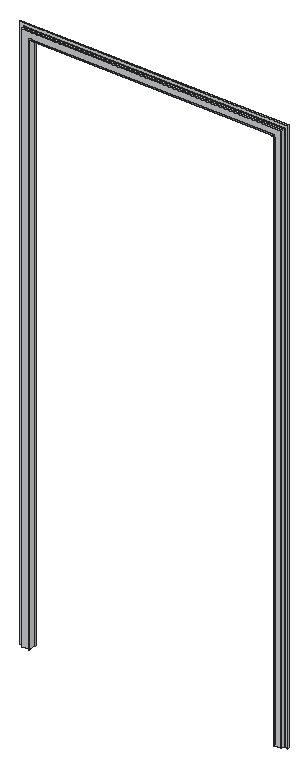
Revit family "BOS-Eckschutzprofil-Typ-1-2-STW_Familie", category Türen, Revit 2017
Family settings
  Basisbauteil = Wand
  Immer vertikal = Ja
  Beim Laden mit Abzugskörper schneiden = Nein
  Gemeinsam genutzt = Nein
  Raumberechnungspunkt = Ja
Parameters (values of type "Eckschutzprofil Typ 1")
  Wandstärke [instance] = if(Wandstärke   Wall Thickness < Wandstärke min., Wandstärke min., Wandstärke   Wall Thickness)  # 200 mm
  Theoretisches Rohbaumaß Höhe   Theoretical Wall Opening Height Measurement [instance] = LDH Lichte Durchgangs Höhe + Einfügepunkt  # 2118 mm
  Theoretisches Rohbaumaß Breite   Theoretical Wall Opening Width Measurement [instance] = LDB Lichte Durchgangs Breite + (2 * Einfügepunkt)  # 986 mm
  LDH Lichte_Durchgangs_Höhe   Clearance Height [instance] = 2093 mm
  LDH Lichte Durchgangs Höhe [instance] = if(LDH Lichte_Durchgangs_Höhe   Clearance Height < LDH min., LDH min., if(LDH Lichte_Durchgangs_Höhe   Clearance Height > LDH max., LDH max., LDH Lichte_Durchgangs_Höhe   Clearance Height))  # 2093 mm
  LDB Lichte_Durchgangs_Breite   Clearance Width [instance] = 936 mm
  LDB Lichte Durchgangs Breite [instance] = if(LDB Lichte_Durchgangs_Breite   Clearance Width < LDB min., LDB min., if(LDB Lichte_Durchgangs_Breite   Clearance Width > LDB max., LDB max., LDB Lichte_Durchgangs_Breite   Clearance Width))  # 936 mm
  Wandstärke   Wall Thickness [instance] = 200 mm
  URL = "www.BestOfSteel.de/stahlzargen/weitere-loesungen/eckschutz-wandabschlussprofile/"
  Spiegel vorne   Architrave Front [instance] = if(Typ 1, 30 mm, 40 mm)  # 30 mm
  Spiegel vorne [instance] = Spiegel vorne   Architrave Front  # 30 mm
  Rough Height = 0 mm  # constant formula
  Rough Width = 0 mm  # constant formula
  Rechtliche Hinweise [instance] = "www.BestOfSteel.de/tools-downloads/bim-building-information-modeling/"
  Typ 2 = no
  Typ 1 = yes
  Modell = "Eckschutzprofil Typ 1"
  Material - Zarge = none
  Material = "grundiert, feuerverzinktes Feinblech nach DIN EN 10143"
  Wandstärke min. [instance] = 100 mm  # constant formula
  Information in English = no
  Info-Texte sichtbar = yes
  Height [instance] = Theoretisches Rohbaumaß Höhe   Theoretical Wall Opening Height Measurement  # 2118 mm
  Hersteller = "BOS GmbH Best Of Steel, Lütkenfelde 4, D-48282 Emsdetten"
  GT Gesamttiefe_Zarge   Total Profile Depth [instance] = Spiegel vorne + 15 mm  # 45 mm
  MW Fehler [instance] = Wandstärke   Wall Thickness < Wandstärke min.  # no
  GT Gesamttiefe [instance] = GT Gesamttiefe_Zarge   Total Profile Depth  # 45 mm
  Funktion = Innen
  LDH min. = 1593 mm  # constant formula
  LDH max. = 2843 mm  # constant formula
  LDB min. = 561 mm  # constant formula
  LDB max. = 1311 mm  # constant formula
  Einfügepunkt = 25 mm  # constant formula
  Dicke = 0 mm  # constant formula
  Width = 0 mm  # constant formula
  Beschreibung = "Eckschutzprofil Typ 1 für Ständerwerk"
  Bauelement = "BOS Eckschutzprofil"
  BOS-Architekten-Beratung = "Tel.: +49 (0) 2572 203-203, Fax -209; E-Mail: architekten@BestOfSteel.de"
  BE Bodeneinstand   Foundation Bedding [instance] = 0 mm
  BE Bodeneinstand [instance] = if(BE Bodeneinstand   Foundation Bedding < 0 mm, 0 mm, if(BE Bodeneinstand   Foundation Bedding > BE max., BE max., BE Bodeneinstand   Foundation Bedding))  # 0 mm
  BE max. = 100 mm  # constant formula
  Allgemeine Informationen zu Stahlzargen = "www.BestOfSteel.de/tools-downloads/technische-infos-rund-um-die-stahlzarge/"
Types (2, lengths in mm): name | Spiegel vorne   Architrave Front | Spiegel vorne | Typ 2 | Typ 1 | Modell | GT Gesamttiefe_Zarge   Total Profile Depth | GT Gesamttiefe | Beschreibung
  Eckschutzprofil Typ 1 | 30 | 30 | no | yes | "Eckschutzprofil Typ 1" | 45 | 45 | "Eckschutzprofil Typ 1 für Ständerwerk"
  Eckschutzprofil Typ 2 | 40 | 40 | yes | no | "Eckschutzprofil Typ 2" | 55 | 55 | "Eckschutzprofil Typ 2 für Ständerwerk"
Reference planes
  plane 1 "Wand": y = 0
  plane 2 "Mitte (Links/rechts)": x = 125
  plane 3 "Hinten": y = 100
  plane 4 "Vorne": y = -100
  plane 5 "TRB links": x = -368
  plane 6 "TRB rechts": x = 618
  plane 7 "TRH oben": z = 2118
  plane 8 "BE": z = 0
  plane 9 "LDH oben": z = 2093
  plane 10: z = -100
  plane 11 "LDB links": x = -343
  plane 12 "LDB rechts": x = 593
Forms (mm)
  Sweep 1, solid, material <- "Material - Zarge", visible <- "Typ 1", detail levels medium+fine
    path origin (0, -100, 0) x (-1, 0, 0) y (0, 0, 1)
      loop
        line (368, 0) -> (368, 2118) -> (-618, 2118) -> (-618, 0)
    profile "BOS-Eckschutzprofil-Typ-1-STW_Profil : BOS-Eckschutzprofil-Typ-1-STW_Profil" origin (-368, -100, 1059) x (1, 0, 0) y (0, 1, 0)
      loop
        line (12.5, 31) -> (12.5, 45) -> (11, 45) -> (11, 31)
        arc (11, 31) -> (11.732, 29.232) -> (13.5, 28.5) r 2.5
        line (13.5, 28.5) -> (22.5, 28.5)
        arc (22.5, 28.5) -> (23.207, 28.207) -> (23.5, 27.5) r 1
        line (23.5, 27.5) -> (23.5, 2.5)
        arc (23.5, 2.5) -> (23.207, 1.793) -> (22.5, 1.5) r 1
        line (22.5, 1.5) -> (-2.5, 1.5)
        arc (-2.5, 1.5) -> (-3.207, 1.793) -> (-3.5, 2.5) r 1
        line (-3.5, 2.5) -> (-3.5, 11.5)
        arc (-3.5, 11.5) -> (-4.232, 13.268) -> (-6, 14) r 2.5
        line (-6, 14) -> (-20, 14) -> (-20, 12.5) -> (-6, 12.5)
        arc (-6, 12.5) -> (-5.293, 12.207) -> (-5, 11.5) r 1
        line (-5, 11.5) -> (-5, 2.5)
        arc (-5, 2.5) -> (-4.268, 0.732) -> (-2.5, 0) r 2.5
        line (-2.5, 0) -> (22.5, 0)
        arc (22.5, 0) -> (24.268, 0.732) -> (25, 2.5) r 2.5
        line (25, 2.5) -> (25, 27.5)
        arc (25, 27.5) -> (24.268, 29.268) -> (22.5, 30) r 2.5
        line (22.5, 30) -> (13.5, 30)
        arc (13.5, 30) -> (12.793, 30.293) -> (12.5, 31) r 1
  Sweep 2, solid, material <- "Material - Zarge", visible <- "Typ 2", detail levels medium+fine
    path origin (0, -100, 0) x (-1, 0, 0) y (0, 0, 1)
      loop
        line (368, 0) -> (368, 2118) -> (-618, 2118) -> (-618, 0)
    profile "BOS-Eckschutzprofil-Typ-2_Profil : BOS-Eckschutzprofil-Typ-2_Profil" origin (-368, -100, 1059) x (1, 0, 0) y (0, 1, 0)
      loop
        line (12.5, 31) -> (12.5, 45) -> (11, 45) -> (11, 31)
        arc (11, 31) -> (11.732, 29.232) -> (13.5, 28.5) r 2.5
        line (13.5, 28.5) -> (22.5, 28.5)
        arc (22.5, 28.5) -> (23.207, 28.207) -> (23.5, 27.5) r 1
        line (23.5, 27.5) -> (23.5, 20)
        arc (23.5, 20) -> (18.081, 6.919) -> (5, 1.5) r 18.5
        line (5, 1.5) -> (-2.5, 1.5)
        arc (-2.5, 1.5) -> (-3.207, 1.793) -> (-3.5, 2.5) r 1
        line (-3.5, 2.5) -> (-3.5, 11.5)
        arc (-3.5, 11.5) -> (-4.232, 13.268) -> (-6, 14) r 2.5
        line (-6, 14) -> (-20, 14) -> (-20, 12.5) -> (-6, 12.5)
        arc (-6, 12.5) -> (-5.293, 12.207) -> (-5, 11.5) r 1
        line (-5, 11.5) -> (-5, 2.5)
        arc (-5, 2.5) -> (-4.268, 0.732) -> (-2.5, 0) r 2.5
        line (-2.5, 0) -> (5, 0)
        arc (5, 0) -> (19.142, 5.858) -> (25, 20) r 20
        line (25, 20) -> (25, 27.5)
        arc (25, 27.5) -> (24.268, 29.268) -> (22.5, 30) r 2.5
        line (22.5, 30) -> (13.5, 30)
        arc (13.5, 30) -> (12.793, 30.293) -> (12.5, 31) r 1
  Sweep 3, void
    path origin (0, -100, 0) x (-1, 0, 0) y (0, 0, 1)
      loop
        line (368, 0) -> (368, 2118) -> (-125, 2118)
    profile origin (-368, -100, 1059) x (1, 0, 0) y (0, 1, 0)
      loop
        line (493, 200) -> (25, 200) -> (25, 30) -> (12.5, 30) -> (12.5, 12.5) -> (-5, 12.5) -> (-5, 0) -> (493, 0) -> (493, 200)
  Sweep 4, void
    path origin (0, -100, 0) x (-1, 0, 0) y (0, 0, 1)
      loop
        line (-618, 0) -> (-618, 2118) -> (-125, 2118)
    profile origin (618, -100, 1059) x (1, 0, 0) y (0, 1, 0)
      loop
        line (-493, 200) -> (-493, 0) -> (5, 0) -> (5, 12.5) -> (-12.5, 12.5) -> (-12.5, 30) -> (-25, 30) -> (-25, 200) -> (-493, 200)
Lines and regions (mm)
  reference lines
    curve 1: line (65, 650, 0) -> (185, 650, 0)
    curve 2: line (65, -650, 0) -> (185, -650, 0)
    curve 3: line (1118, 100, 0) -> (1118, -100, 0)
Text (mm)
  text "Außen     " at (-1696.17, 830.944, 0), in view "Ref.-Ebene"
  text "Außen" at (0, 1409.804, 2854.306), in view "Links"
  text "Placement side" at (0, 499.811, 2980.732), in view "Rechts"
Dimensions and locks
  locked: plane 3 "Hinten" to host wall
  locked: host wall to plane 4 "Vorne" at 0
  level to plane 7 "TRH oben" = 2118 mm
  equal spacing: plane 5 "TRB links", plane 2 "Mitte (Links/rechts)", plane 6 "TRB rechts"
  "BE Bodeneinstand": plane 8 "BE" to level
  "Wandstärke   Wall Thickness": host wall to host wall
  "LDH Lichte Durchgangs Höhe": plane 9 "LDH oben" to level
  "Theoretisches Rohbaumaß Höhe   Theoretical Wall Opening Height Measurement": plane 7 "TRH oben" to level
  "Theoretisches Rohbaumaß Breite   Theoretical Wall Opening Width Measurement": plane 5 "TRB links" to plane 6 "TRB rechts"
  curve 2 to plane 4 "Vorne" to plane 3 "Hinten" to curve 1 = 550 mm, 200 mm, 550 mm
  "BE max.": level to plane 10
  equal spacing: plane 11 "LDB links", plane 2 "Mitte (Links/rechts)", plane 12 "LDB rechts"
  "LDB Lichte Durchgangs Breite": plane 11 "LDB links" to plane 12 "LDB rechts"
  plane 6 "TRB rechts" to curve 3 = 500 mm
  aligned and locked: plane 1 "Wand" to host wall
  aligned and locked: plane 6 "TRB rechts" to nested 1
  aligned and locked: Sweep 1 to nested 1
  aligned and locked: nested 2 to plane 4 "Vorne"
  aligned and locked: plane 5 "TRB links" to nested 2
  aligned and locked: plane 4 "Vorne" to nested 3
  aligned and locked: plane 6 "TRB rechts" to nested 3
  aligned and locked: nested 2 to Sweep 3 sketch curve
  aligned and locked: Sweep 3 sketch curve to plane 2 "Mitte (Links/rechts)"
  aligned and locked: Sweep 3 sketch curve to nested 2  (x6)
  aligned and locked: Sweep 4 sketch curve to plane 2 "Mitte (Links/rechts)"
  aligned and locked: Sweep 4 sketch curve to nested 3  (x4)
  aligned and locked: nested 3 to Sweep 4 sketch curve  (x3)
  aligned and locked: nested 6 to curve 3
  aligned and locked: host wall to nested 6
  aligned and locked: curve 1 to nested 4
  aligned and locked: plane 2 "Mitte (Links/rechts)" to nested 4
  aligned and locked: plane 2 "Mitte (Links/rechts)" to nested 5
  aligned and locked: curve 2 to nested 5
  aligned and locked: nested 7 to nested 2  (x2)
Automatic sketch dimensions
  Sweep 1 sketch curve to plane 6 "TRB rechts" = 0 mm
  Sweep 1 sketch curve to plane 5 "TRB links" = 0 mm
  Sweep 1 sketch curve to plane 8 "BE" = 0 mm  (x2)
  Sweep 1 sketch curve to plane 7 "TRH oben" = 0 mm
  host wall to curve 3 = 0 mm
  curve 3 to host wall = 0 mm
  curve 2 to plane 2 "Mitte (Links/rechts)" = 60 mm
  curve 1 to plane 2 "Mitte (Links/rechts)" = 60 mm
  plane 2 "Mitte (Links/rechts)" to curve 2 = 60 mm
  plane 2 "Mitte (Links/rechts)" to curve 1 = 60 mm
  Sweep 2 sketch curve to plane 6 "TRB rechts" = 0 mm
  Sweep 2 sketch curve to plane 5 "TRB links" = 0 mm
  Sweep 2 sketch curve to plane 8 "BE" = 0 mm  (x2)
  Sweep 2 sketch curve to plane 7 "TRH oben" = 0 mm
  Sweep 3 sketch curve to plane 2 "Mitte (Links/rechts)" = 0 mm
  Sweep 3 sketch curve to plane 5 "TRB links" = 0 mm
  Sweep 3 sketch curve to plane 8 "BE" = 0 mm
  Sweep 3 sketch curve to plane 7 "TRH oben" = 0 mm
  Sweep 4 sketch curve to plane 6 "TRB rechts" = 0 mm
  Sweep 4 sketch curve to plane 2 "Mitte (Links/rechts)" = 0 mm
  Sweep 4 sketch curve to plane 8 "BE" = 0 mm
  Sweep 4 sketch curve to plane 7 "TRH oben" = 0 mm
Nested families
  nested 1: "BOS-BOS_Modell" at (618, -87.5, 1050), type "BOS-BOS_Modell", not visible
  nested 2: "BOS-Eckschutzprofil-STW_Detail" at (-368, -100, 0), type "BOS-Eckschutzprofil-STW_Detail", detail levels fine
  nested 3: "BOS-Eckschutzprofil-STW_Detail" at (618, -100, 0) x (-1, 0, 0) z (0, 0, 1), type "BOS-Eckschutzprofil-STW_Detail", detail levels fine
  nested 4: "BOS-Info-Texte_Beschriftung" at (125, 649.045, 0), visible <- "Info-Texte sichtbar", type "Technische Hinweise"
  nested 5: "BOS-Info-Texte_Beschriftung" at (125, -650.955, 0), visible <- "Info-Texte sichtbar", type "Rechtliche Hinweise"
  nested 6: "BOS-Info-Texte_Beschriftung" at (1118, -0.955, 0), visible <- "MW Fehler", type "Maulweite Fehlermeldung"
  nested 7: "BOS-Logo_Modell" at (-370, -53, 0), type "BOS-Logo_Modell", detail levels fine
Definition of nested family "BOS-BOS_Modell"
  Parameters (values of type "BOS-BOS_Modell")
    Abstand = 22 mm
  Reference planes
    plane 1 "Mitte (Vorne/hinten)": y = 0
    plane 2: z = 0
    plane 3 "Mitte (Links/rechts)": x = 0
    plane 4 "BOS": x = -22
  Dimensions and locks
    "Abstand": plane 4 "BOS" to plane 3 "Mitte (Links/rechts)"
    aligned and locked: level to plane 2
    aligned and locked: plane 1 "Mitte (Vorne/hinten)" to text3d elem
    aligned and locked: text3d elem to level
Definition of nested family "BOS-Eckschutzprofil-STW_Detail"
  Parameters (values of type "BOS-Eckschutzprofil-STW_Detail")
    Wandstärke = 200 mm
    URL = "www.BestOfSteel.de"
    Spiegel vorne = 30 mm
    Model = "Eckschutzprofil Typ 1, Typ 2 für Ständerwerk"
    Allgemeine Informationen zu Stahlzargen = "www.BestOfSteel.de/tools-downloads/technische-infos-rund-um-die-stahlzarge/"
    Manufacturer = "BOS GmbH Best Of Steel, Lütkenfelde 4, D-48282 Emsdetten"
    GT Gesamttiefe = 55 mm
    Einfügepunkt = 25 mm
    Description = ""
    Keynote = "BOS Eckschutzprofil STW"
  Reference planes
    plane 1: y = 0
    plane 2: z = 0
    plane 3: x = 0
    plane 4: y = 12.5
    plane 5: y = 187.5
    plane 6: y = 200
    plane 7: x = 25
    plane 8: x = -5
    plane 9: x = -120
    plane 10: x = 12.5
    plane 11: y = 25
    plane 12: y = 175
    plane 13: y = 40
    plane 14: y = 55
    plane 15: x = -20
    plane 16: x = -50
  Lines and regions (mm)
    detail lines, in view "Ref.-Ebene"
      curve 1: line (-120, 25, 0) -> (0, 25, 0)
      curve 2: line (-120, 200, 0) -> (25, 200, 0)
      curve 3: line (-120, 187.5, 0) -> (25, 187.5, 0)
      curve 4: line (-120, 175, 0) -> (12.5, 175, 0)
      curve 5: line (25, 200, 0) -> (25, 40, 0)
      curve 6: line (12.5, 187.5, 0) -> (12.5, 55, 0)
      curve 7: line (13.5, 40, 0) -> (25, 40, 0)
      curve 8: arc (12.5, 41, 0) -> (12.793, 40.293, 0) -> (13.5, 40, 0) r 1
      curve 9: line (-120, 0, 0) -> (-5, 0, 0)
      curve 10: line (-5, 0, 0) -> (-5, 11.5, 0)
      curve 11: line (-20, 12.5, 0) -> (-120, 12.5, 0)
      curve 12: line (0, 12.5, 0) -> (0, 175, 0)
      curve 13: line (12.5, 38.709, 0) -> (12.5, 12.5, 0)
      curve 14: line (12.5, 12.5, 0) -> (-3.709, 12.5, 0)
      curve 17: arc (-5, 11.5, 0) -> (-5.293, 12.207, 0) -> (-6, 12.5, 0) r 1
      curve 18: line (0, 170, 0) -> (0, 30, 0)
      curve 19: line (-5, 25, 0) -> (-50, 25, 0)
      curve 20: line (-50, 25, 0) -> (-50, 27, 0)
      curve 21: line (-50, 27, 0) -> (-5, 27, 0)
      curve 22: line (-5, 175, 0) -> (-50, 175, 0)
      curve 23: line (-50, 175, 0) -> (-50, 173, 0)
      curve 24: line (-50, 173, 0) -> (-5, 173, 0)
      curve 25: line (-2, 170, 0) -> (-2, 30, 0)
      curve 26: arc (-2, 170, 0) -> (-2.879, 172.121, 0) -> (-5, 173, 0) r 3
      curve 27: arc (-5, 27, 0) -> (-2.879, 27.879, 0) -> (-2, 30, 0) r 3
      curve 28: arc (-5, 25, 0) -> (-1.464, 26.464, 0) -> (0, 30, 0) r 5
      curve 29: arc (0, 170, 0) -> (-1.464, 173.536, 0) -> (-5, 175, 0) r 5
    detail lines, in view "Ref.-Ebene", not visible
      curve 15: arc (11, 41, 0) -> (11.732, 39.232, 0) -> (13.5, 38.5, 0) r 2.5
      curve 16: arc (-3.5, 11.5, 0) -> (-4.232, 13.268, 0) -> (-6, 14, 0) r 2.5
  Dimensions and locks
    "Wandstärke": plane 6 to plane 1
    "Einfügepunkt": plane 3 to plane 7
    "Spiegel vorne": plane 8 to plane 7
    plane 9 to plane 3 = 120 mm
    equal spacing: plane 1, plane 4, plane 11
    locked: plane 1 to plane 11 at 25
    equal spacing: plane 6, plane 5, plane 12
    plane 6 to plane 12 = 25 mm
    equal spacing: plane 3, plane 10, plane 7
    plane 3 to plane 7 = 25 mm
    locked: plane 14 to plane 13 at 15
    locked: plane 15 to plane 8 at 15
    plane 16 to plane 3 = 50 mm
    "GT Gesamttiefe": plane 14 to plane 1
  Automatic sketch dimensions
    curve 8 to curve 15 = 0 mm  (x2)
    curve 16 to curve 17 = 0 mm  (x2)
    curve 1 to plane 9 = 0 mm
    plane 4 to curve 11 = 0 mm
    curve 11 to plane 9 = 0 mm
    curve 2 to plane 6 = 0 mm
    curve 2 to plane 9 = 0 mm
    plane 1 to curve 9 = 0 mm
    curve 9 to plane 9 = 0 mm
    curve 3 to plane 5 = 0 mm
    curve 3 to plane 9 = 0 mm
    curve 4 to plane 9 = 0 mm
    curve 11 to plane 15 = 0 mm
    plane 4 to curve 17 = 0 mm
    curve 9 to plane 8 = 0 mm
    plane 4 to curve 14 = 0 mm
    curve 1 to plane 3 = 0 mm
    curve 8 to plane 10 = 0 mm
    curve 6 to plane 10 = 0 mm
    curve 13 to plane 10 = 0 mm
    curve 8 to plane 13 = 0 mm
    curve 5 to plane 7 = 0 mm
    plane 11 to curve 1 = 0 mm
    curve 6 to plane 14 = 0 mm
    curve 4 to plane 12 = 0 mm
    curve 17 to curve 10 = 1 mm
    plane 10 to curve 8 = 1 mm
    plane 8 to curve 14 = 1.291 mm
    curve 15 to curve 8 = 1.5 mm
    curve 26 to curve 29 = 0 mm  (x2)
    curve 27 to curve 28 = 0 mm  (x2)
    curve 21 to plane 16 = 0 mm
    curve 23 to plane 16 = 0 mm
    plane 11 to curve 28 = 0 mm
    curve 29 to plane 12 = 0 mm
    curve 29 to plane 3 = 0 mm
    curve 27 to plane 3 = 5 mm
    curve 29 to plane 3 = 5 mm
    curve 27 to plane 3 = 2 mm
Definition of nested family "BOS-Info-Texte_Beschriftung"
  Parameters (values of type "Drückerhöhe Warnung")
    Unten = yes
    Oben = no
    Info-Text unten En = "Please take the handle depth/height and/or DIN opening direction into account"
    Info-Text unten De = "Drückertiefen/-höhen und/oder DIN Richtungen beachten/anpassen!"
    Info-Text En = "Kein Text"
    Englisch unten = and(Unten, Englisch)  # no
    Englisch oben = and(Oben, Englisch)  # no
    Englisch = no
    Info-Text De = "Kein Text"
    Warndreieck = yes
    Fehlerkreis = no
    Deutsch unten = and(Unten, Deutsch)  # yes
    Deutsch oben = and(Oben, Deutsch)  # no
    Deutsch = not(Englisch)  # yes
    Ausrufezeichen = "!"
  Types (9, lengths in mm): name | Unten | Oben | Info-Text unten En | Info-Text unten De | Info-Text En | Info-Text De | Warndreieck | Fehlerkreis | Deutsch unten | Deutsch oben
    Rechtliche Hinweise | no | yes | "Kein Text" | "Kein Text" | "In accordance with the protection note according to DIN 34, the ownership and copyrights are reserved!\r\n© 2016 BOS GmbH, Emsdetten, Germany -\r\nObserve the ISO 16016 protective label (see ID data)!\r\n\r\nSubject to technical change!" | "Entsprechend dem Schutzvermerk nach DIN 34 behalten wir uns Eigentum und Urheberrecht vor!\r\n© 2016 BOS GmbH, Emsdetten, Deutschland -\r\nSchutzvermerk ISO 16016 beachten (siehe ID-Daten)!\r\n\r\nTechnische Änderungen vorbehalten!" | no | no | no | yes
    Maulweite Fehlermeldung | no | yes | "Kein Text" | "Kein Text" | "Check the wall thickness!" | "Wandstärke prüfen!" | no | yes | no | yes
    Rohbaumaß Warnung | no | yes | "Kein Text" | "Kein Text" | "For DIN door leaves, select larger structural wall measurements!" | "Bei DIN-Türblatt Rohbaumaße größer wählen!" | no | no | no | yes
    Verstellbereich wkBud | no | yes | "Kein Text" | "Kein Text" | "Adjustment area from -5 to +15mm,\r\nother adjustment areas possible" | "Verstellbereich von -5 bis +15mm\r\nanderer Verstellbereich möglich" | no | no | no | yes
    Verstellbereich wSvdW | no | yes | "Kein Text" | "Kein Text" | "Adjustment area in the soffit from -2 to +15mm,\r\nother adjustment areas possible" | "Verstellbereich in der Zargenleibung von -2 bis +15mm\r\nanderer Verstellbereich möglich" | no | no | no | yes
    Maulweite Auswahl | no | yes | "Kein Text" | "Kein Text" | "To adjust Receiving Opening see 'Features'" | "Anpassung von MW Maulweite unter 'Eigenschaften'" | no | no | no | yes
    Technische Hinweise 15Nz15Z | no | yes | "Kein Text" | "Kein Text" | "Due to manufacturing reasons this Revit family may not be changed\r\nwithout consulting BOS!\r\n\r\nDo not mirror frames (door list)!\r\nsee ‘Features’: DIN left / DIN right\r\n\r\nAttention for stud walls:\r\nno standard structural wall measurement, take the underlay into account!\r\nFor selection \"stud walls\":\r\nsee 'Features' (remove tick for brick walls)\r\n\r\nUA-profile (according to DIN 18182) to be provided on-site,\r\naccording to static calculation" | "Diese Revit-Familie darf aus fertigungstechnischen Gründen\r\nnicht ohne Rücksprache mit BOS abgeändert werden!\r\n\r\nZargen nicht spiegeln (Türliste)!\r\nsiehe 'Eigenschaften': DIN links / DIN rechts\r\n\r\nAchtung bei Ständerwerk:\r\nkein Standard-Rohbaumaß, Unterfütterung beachten!\r\nFür Auswahl \"Ständerwerk\": \r\nsiehe 'Eigenschaften' (Häkchen entfernen bei Mauerwerk)\r\n\r\nUA-Profil (gem. DIN 18182) bauseits, nach statischer Berechnung" | no | no | no | yes
    Technische Hinweise | no | yes | "Kein Text" | "Kein Text" | "Due to manufacturing reasons this Revit family may not be changed\r\nwithout consulting BOS!\r\n\r\nDo not mirror frames (door list)!\r\nsee ‘Features’: DIN left / DIN right\r\n\r\nThe solid and stud walls or, for example, their profiles,\r\nmust be designed so that they can reliably and sustainably\r\nabsorb the static and dynamic forces resulting\r\nfrom the load on the door element used." | "Diese Revit-Familie darf aus fertigungstechnischen Gründen\r\nnicht ohne Rücksprache mit BOS abgeändert werden!\r\n\r\nZargen nicht spiegeln (Türliste)!\r\nsiehe 'Eigenschaften': DIN links / DIN rechts\r\n\r\nDie Massiv- und Ständerwerkswände bzw. deren Profile\r\nmüssen so ausgebildet sein, dass sie die statischen\r\nund dynamischen Kräfte, welche sich aus der Belastung\r\nder verwendeten Türelements ergeben, zuverlässig\r\nund nachhaltig aufnehmen können." | no | no | no | yes
    Drückerhöhe Warnung | yes | no | "Please take the handle depth/height and/or DIN opening direction into account" | "Drückertiefen/-höhen und/oder DIN Richtungen beachten/anpassen!" | "Kein Text" | "Kein Text" | yes | no | yes | no
  Reference planes
    plane 1: y = 0.955
    plane 2: x = 0
  Lines and regions (mm)
    Filled region 1, type "Gefüllter Bereich Gelb", visible <- "Warndreieck"
      outline origin (-7.188, 1.747, 0) x (1, 0, 0) y (0, 1, 0)
        loop
          line (5.951, -3.033) -> (8.413, -3.033) -> (7.182, -0.9) -> (5.951, -3.033)
    Filled region 2, type "Gefüllter Bereich Rot", visible <- "Fehlerkreis"
      outline origin (0, -3.763, 0) x (1, 0, 0) y (0, 1, 0)
        loop
          circle (0, 3.1) r 1.5
        loop
          line (-0.937, 3.486) -> (-0.937, 2.686) -> (1.023, 2.686) -> (1.023, 3.486) -> (-0.937, 3.486)
    Filled region 3, type "Gefüllter Bereich Weiss", visible <- "Fehlerkreis"
      outline origin (-7.014, -2.062, 0) x (1, 0, 0) y (0, 1, 0)
        loop
          line (6.077, 1.785) -> (6.077, 0.985) -> (8.038, 0.985) -> (8.038, 1.785) -> (6.077, 1.785)
  Text (mm)
    label "Info-Text De" at (0.065, 1.415, 0), shows "Info-Text De", visible <- "Deutsch oben"
    label "!" at (0.065, -0.414, 0), shows "Ausrufezeichen", visible <- "Warndreieck"
    label "Info-Text En" at (0.065, 1.415, 0), shows "Info-Text En", visible <- "Englisch oben"
    label "Info-Text unten De" at (0.065, -2.419, 0), shows "Info-Text unten De", visible <- "Deutsch unten"
    label "Info-Text unten En" at (0.065, -2.419, 0), shows "Info-Text unten En", visible <- "Englisch unten"
  Dimensions and locks
    aligned and locked: Filled region 3 sketch curve to Filled region 2  (x4)
Definition of nested family "BOS-Logo_Modell"
  Parameters (values of type "BOS-Logo_Modell")
    URL = "www.BestOfSteel.de"
    Keynote = "BOS Logo"
  Reference planes
    plane 1 "Mitte (Vorne/hinten)": y = 0
    plane 2: z = 0
    plane 3 "Mitte (Links/rechts)": x = 0
    plane 4: x = -30
    plane 5: y = -20
    plane 6: x = -25.6
    plane 7: y = -4
    plane 8: y = -16
    plane 9: x = -4.4
  Dimensions and locks
    locked: plane 4 to plane 6 at 4.4
    locked: plane 9 to plane 3 "Mitte (Links/rechts)" at 4.4
    locked: plane 7 to plane 1 "Mitte (Vorne/hinten)" at 4
    locked: plane 8 to plane 5 at 4
    aligned and locked: level to plane 2
